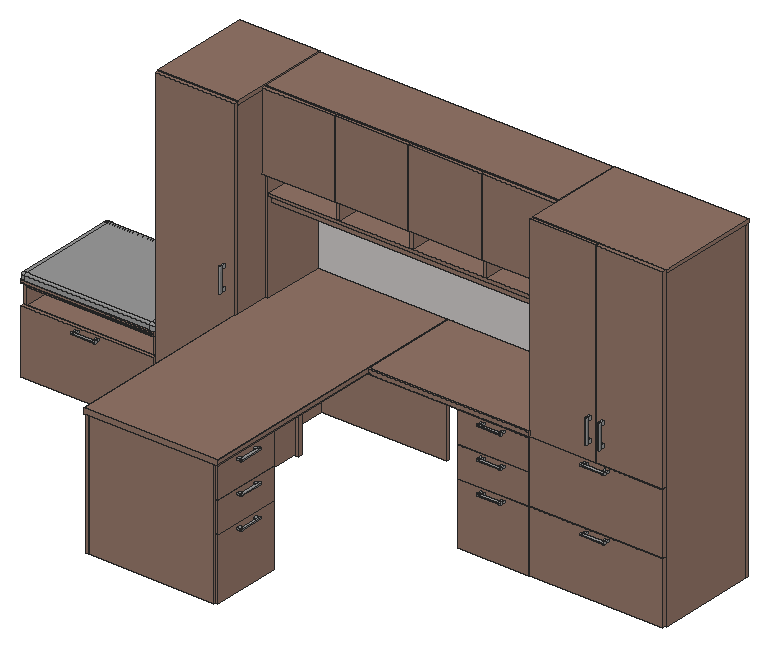
Revit family "JSI-Vision-Typical_Veneer-VSV103", category Furniture, Revit 2020 (continued)
Definition of nested family "JSI-Vision-Overhead_Cabinets_with_Cubbies"
  Dimensions and locks (in)
    "Door Width": Extrusion 17 sketch curve to Extrusion 17 sketch curve
    locked: Extrusion 10 sketch curve to Extrusion 1 at 9.6263
    locked: Extrusion 10 sketch curve to Extrusion 10 sketch curve at 21.84469  (x2)
    locked: Extrusion 10 sketch curve to Extrusion 10 sketch curve at 9.6263
    aligned and locked: level to plane 2
    aligned and locked: plane 5 to Extrusion 1 sketch curve
    aligned and locked: plane 7 to Extrusion 1 sketch curve
    aligned and locked: Extrusion 1 sketch curve to plane 13
    aligned and locked: Extrusion 2 sketch curve to plane 5
    aligned and locked: plane 8 to Extrusion 2 sketch curve
    aligned and locked: Extrusion 2 sketch curve to plane 14
    aligned and locked: Extrusion 3 sketch curve to plane 11
    aligned and locked: plane 7 to Extrusion 3 sketch curve
    aligned and locked: Extrusion 3 to plane 5
    aligned and locked: plane 9 to Extrusion 1
    aligned and locked: plane 9 to Extrusion 2
    aligned and locked: plane 9 to Extrusion 3
    aligned and locked: Extrusion 4 sketch curve to plane 20
    aligned and locked: plane 13 to Extrusion 4 sketch curve
    aligned and locked: plane 19 to Extrusion 4 sketch curve
    aligned and locked: Extrusion 4 sketch curve to plane 14
    aligned and locked: Extrusion 4 to plane 17
    aligned and locked: plane 9 to Extrusion 4
    aligned and locked: plane 23 to Extrusion 5 sketch curve
    aligned and locked: plane 13 to Extrusion 5 sketch curve
    aligned and locked: Extrusion 5 sketch curve to plane 22
    aligned and locked: Extrusion 5 sketch curve to plane 14
    aligned and locked: Extrusion 5 to plane 21
    aligned and locked: Extrusion 6 to plane 24
    aligned and locked: plane 17 to Extrusion 8 sketch curve
    aligned and locked: plane 33 to Extrusion 8 sketch curve
    aligned and locked: Extrusion 8 sketch curve to plane 9
    aligned and locked: Extrusion 8 sketch curve to plane 34
    aligned and locked: plane 17 to Extrusion 9 sketch curve
    aligned and locked: plane 35 to Extrusion 9 sketch curve
    aligned and locked: Extrusion 9 sketch curve to plane 9
    aligned and locked: Extrusion 9 sketch curve to plane 36
    aligned and locked: plane 18 to Extrusion 8
    aligned and locked: Extrusion 8 to plane 20
    aligned and locked: plane 18 to Extrusion 9
    aligned and locked: Extrusion 9 to plane 20
    aligned and locked: Extrusion 1 to Extrusion 10 sketch curve
    aligned and locked: Extrusion 10 sketch curve to Extrusion 1
    aligned and locked: Extrusion 10 sketch curve to Extrusion 2
    aligned and locked: Extrusion 10 to plane 16
    aligned and locked: plane 17 to Extrusion 10
    aligned and locked: Extrusion 6 to plane 27
    aligned and locked: Extrusion 11 sketch curve to plane 39
    aligned and locked: Extrusion 11 sketch curve to plane 40
    aligned and locked: Extrusion 11 sketch curve to plane 13
    aligned and locked: Extrusion 11 sketch curve to plane 14
    aligned and locked: Extrusion 11 to plane 17
    aligned and locked: plane 9 to Extrusion 11
    aligned and locked: plane 39 to Extrusion 5
    aligned and locked: Extrusion 12 to plane 40
    aligned and locked: plane 19 to Extrusion 12
    aligned and locked: plane 30 to nested 1
    aligned and locked: plane 29 to nested 1
    aligned and locked: plane 27 to Extrusion 6  (x3)
    aligned and locked: Extrusion 7 to plane 27
    aligned and locked: Extrusion 12 to plane 19  (x2)
    aligned and locked: plane 40 to Extrusion 12  (x2)
    aligned and locked: plane 19 to Extrusion 13
    aligned and locked: Extrusion 13 to plane 40
    aligned and locked: plane 18 to Extrusion 2
    aligned and locked: plane 18 to Extrusion 1
    aligned and locked: plane 26 to Extrusion 6
    aligned and locked: curve 1 to Extrusion 3
    aligned and locked: curve 2 to Extrusion 3
    aligned and locked: curve 3 to Extrusion 3
    aligned and locked: curve 4 to Extrusion 3
    aligned and locked: plane 26 to Extrusion 7
    aligned and locked: Extrusion 13 to plane 19
    aligned and locked: plane 40 to Extrusion 13
    aligned and locked: Extrusion 1 to plane 48
    aligned and locked: Extrusion 2 to plane 48
    aligned and locked: Extrusion 10 sketch curve to plane 48
    aligned and locked: curve 5 to Extrusion 6
    aligned and locked: curve 6 to Extrusion 6
    aligned and locked: curve 7 to Extrusion 6
    aligned and locked: curve 8 to Extrusion 6
    aligned and locked: curve 9 to Extrusion 7
    aligned and locked: curve 10 to Extrusion 7
    aligned and locked: curve 11 to Extrusion 7
    aligned and locked: curve 12 to Extrusion 7
    aligned and locked: curve 13 to Extrusion 14
    aligned and locked: curve 14 to Extrusion 14
    aligned and locked: curve 15 to Extrusion 14
    aligned and locked: curve 16 to Extrusion 14
    aligned and locked: curve 17 to Extrusion 15
    aligned and locked: curve 18 to Extrusion 15
    aligned and locked: curve 19 to Extrusion 15
    aligned and locked: curve 20 to Extrusion 15
    aligned and locked: curve 21 to Extrusion 16
    aligned and locked: curve 22 to Extrusion 16
    aligned and locked: curve 23 to Extrusion 16
    aligned and locked: curve 24 to Extrusion 16
    aligned and locked: curve 25 to Extrusion 17
    aligned and locked: curve 26 to Extrusion 17
    aligned and locked: curve 27 to Extrusion 17
    aligned and locked: curve 28 to Extrusion 17
  Automatic sketch dimensions
    Extrusion 1 sketch curve to plane 10 = 7/16"
    Extrusion 3 sketch curve to plane 8 = 0"
    Extrusion 3 sketch curve to plane 18 = 0"
    plane 9 to Extrusion 2 sketch curve = 0"
    Extrusion 6 sketch curve to Extrusion 6 sketch curve = 3/4"
    Extrusion 7 sketch curve to Extrusion 7 sketch curve = 3/4"
    Extrusion 12 sketch curve to Extrusion 12 sketch curve = 3/4"
    Extrusion 12 sketch curve to Extrusion 12 sketch curve = 13 7/8"
    Extrusion 13 sketch curve to Extrusion 13 sketch curve = 3/4"
    Extrusion 13 sketch curve to Extrusion 13 sketch curve = 13 7/8"
    Extrusion 14 sketch curve to Extrusion 14 sketch curve = 3/4"
    Extrusion 15 sketch curve to Extrusion 15 sketch curve = 3/4"
    Extrusion 16 sketch curve to Extrusion 16 sketch curve = 3/4"
    Extrusion 17 sketch curve to Extrusion 17 sketch curve = 3/4"
    Extrusion 18 sketch curve to Extrusion 18 sketch curve = 3/4"
    Extrusion 18 sketch curve to Extrusion 18 sketch curve = 13 7/8"
    Extrusion 19 sketch curve to Extrusion 19 sketch curve = 3/4"
    Extrusion 19 sketch curve to Extrusion 19 sketch curve = 13 7/8"
    Extrusion 20 sketch curve to Extrusion 20 sketch curve = 3/4"
    Extrusion 20 sketch curve to Extrusion 20 sketch curve = 13 7/8"
    curve 6 to curve 7 = 14.83333"
    curve 6 to curve 6 = 3/4"
    curve 10 to curve 11 = 14.83333"
    curve 10 to curve 10 = 3/4"
    curve 14 to curve 15 = 14.83333"
    curve 14 to curve 14 = 3/4"
    curve 18 to curve 19 = 14.83333"
    curve 18 to curve 18 = 3/4"
    curve 22 to curve 23 = 14.83333"
    curve 22 to curve 22 = 3/4"
    curve 26 to curve 27 = 14.83333"
    curve 26 to curve 26 = 3/4"
    radius of Extrusion 10 sketch curve = 0.33402"  (x2)
  Nested families (in)
    nested 1: "Label 1-16 OH" at (45, -16.4375, 0), type "OH DOORS"
  Definition of nested family "Label 1-16 OH"
    Parameters
      Width = 1"
      Model Name = "XX"
    Reference planes (in)
      plane 1: y = 0
      plane 2: x = 0
    Text (in)
      label "XX" at (0.00051, -0.12324, 0), shows "Model Name"
Definition of nested family "JSI-Vision-File_File_Lateral_Storage_Cabinet"
  Parameters (values of type "Type Catalog")
    Top = none
    Width = 36"
    Unit Centre = Width / 2  # 18"
    URL = "www.jsifurniture.com"
    Type Comments = ""
    Tag = "Storage/Lat File"
    Shelve Width = Width - 1 1/2"  # 34 1/2"
    Shelve Depth = Depth - 2 13/16"  # 21 3/16"
    Series = "Vision Casegoods"  # constant formula
    Pull Finish = none
    Drawer Pull Distance(Right) = if(Width > 18", (Door Width / 2), (Door Width - 3 3/8"))  # 8 15/16"
    Drawer Pull Distance(Left) = Door Width / 2  # 8 15/16"
    Model = "Type Catalog"
    Material = ""
    Manufacturer = "JSI"  # constant formula
    Keynote = "12500"
    JSI Enviromental Website = "http://www.jsifurniture.com/jsi_sustainability_intro.php"
    Height = 84"
    Drawer Front = none
    Door Width = if(Width > 18", ((Width - 1/4") / 2), (Width - 1/8"))  # 17 7/8"
    Door Front = none
    Description = "Type Catalog"
    Depth = 24"
    Default Elevation = 0"
    Chassis = none
    Bottom Shelve Level = 28 1/2"
    Assembly Code = "E2020200"
    Adjustable Shelves Array Distance = (Actual Height - Bottom Shelve Level) / (# of Adjustable Shelves)  # 11.0375"
    Actual Height = if(Height > 54", (Height - 5/16"), (if(Height > 42", (Height + 1 1/8"), if(Height > 30", (Height - 3/8"), (Height - 13/16")))))  # 83 11/16"
    # of Adjustable Shelves = if(Height > 72", 5, (if(Height > 57", 3, 2)))  # 5
  Reference planes (in)
    plane 1 "Center Front/Back": y = 0
    plane 2: z = 0
    plane 3 "Center Left/Right": x = 0
    plane 4: z = 0
    plane 5: x = 36
    plane 6: y = -0.125
    plane 7: y = -23
    plane 8: z = 83.6875
    plane 9: y = -0.875
    plane 10: y = -22.8125
    plane 11: y = -22.0625
    plane 12: x = 0.75
    plane 13: x = 35.25
    plane 14: z = 0.3275
    plane 15: z = 1.0775
    plane 16: z = 82.9375
    plane 17: z = 83.3125
    plane 18: z = 28.5
    plane 19: z = 27.75
    plane 20: x = 0.0625
    plane 21: x = 35.9375
    plane 22: z = 0.14
    plane 23: y = -23.125
    plane 24: y = -23.875
    plane 25: y = -24
    plane 26: z = 83.625
    plane 27: z = 65.9
    plane 28: y = -11.5625
    plane 29: z = 34.25
    plane 30: x = 19.5625
    plane 31: x = 16.4375
    plane 32: z = 39.1625
    plane 33: z = 50.2
    plane 34: z = 61.2375
    plane 35: z = 72.275
    plane 36: z = 71.9
    plane 37: z = 72.65
    plane 38: z = 27.885
    plane 39: z = 28
    plane 40: z = 13.95
    plane 41: z = 14.075
    plane 42: z = 27.135
    plane 43: z = 13.2
    plane 44: x = 18
    plane 45: x = 17.9375
    plane 46: x = 18.0625
  Forms (in)
    Extrusion 1, solid, material <- "Chassis"
      sketch origin (0, 0, 0) x (1, 0, 0) y (0, 1, 0)
        loop
          line (0, -0.125) -> (0, -0.875) -> (36, -0.875) -> (36, -0.125) -> (0, -0.125)
      from 0 to 82.9375
    Extrusion 2, solid, material <- "Chassis"
      sketch origin (0, 0, 0) x (1, 0, 0) y (0, 1, 0)
        loop
          line (0, -0.875) -> (0, -23) -> (0.75, -23) -> (0.75, -0.875) -> (0, -0.875)
      from 0 to 82.9375
    Extrusion 3, solid, material <- "Chassis"
      sketch origin (0, 0, 0) x (1, 0, 0) y (0, 1, 0)
        loop
          line (35.25, -0.875) -> (35.25, -23) -> (36, -23) -> (36, -0.875) -> (35.25, -0.875)
      from 0 to 82.9375
    Extrusion 4, solid, material <- "Top"
      sketch origin (0, 0, 0) x (0, 1, 0) y (0, 0, 1)
        loop
          line (-0.125, 83.6875) -> (-23, 83.6875) -> (-23, 82.9375) -> (-0.125, 82.9375) -> (-0.125, 83.6875)
      from 0 to 36
    Extrusion 5, solid, material <- "Chassis"
      sketch origin (0, 0, 0) x (0, 1, 0) y (0, 0, 1)
        loop
          line (-0.875, 1.0775) -> (-22.0625, 1.0775) -> (-22.0625, 0.3275) -> (-0.875, 0.3275) -> (-0.875, 1.0775)
      from 0.75 to 35.25
    Extrusion 6, solid, material <- "Chassis"
      sketch origin (0, 0, 0) x (0, 1, 0) y (0, 0, 1)
        loop
          line (-22.0625, 1.0775) -> (-22.8125, 1.0775) -> (-22.8125, 0) -> (-22.0625, 0) -> (-22.0625, 1.0775)
      from 0.75 to 35.25
    Extrusion 7, solid, material <- "Door Front"
      sketch origin (0, 0, 0) x (1, 0, 0) y (0, 1, 0)
        loop
          line (0.0625, -23.125) -> (0.0625, -23.875) -> (17.9375, -23.875) -> (17.9375, -23.125) -> (0.0625, -23.125)
      from 28 to 83.625
    Extrusion 8, solid, material <- "Door Front"
      sketch origin (0, 0, 0) x (1, 0, 0) y (0, 1, 0)
        loop
          line (18.0625, -23.125) -> (18.0625, -23.875) -> (35.9375, -23.875) -> (35.9375, -23.125) -> (18.0625, -23.125)
      from 28 to 83.625
    Extrusion 9, solid, material <- "Chassis"
      sketch origin (3, 0, 0) x (0, 1, 0) y (0, 0, 1)
        loop
          line (-0.875, 28.5) -> (-22.0625, 28.5) -> (-22.0625, 27.75) -> (-0.875, 27.75) -> (-0.875, 28.5)
      from -2.25 to 32.25
    Extrusion 10, solid, material <- "Chassis"
      sketch origin (3, 0, 11.0375) x (0, 1, 0) y (0, 0, 1)
        loop
          line (-0.875, 28.5) -> (-22.0625, 28.5) -> (-22.0625, 27.75) -> (-0.875, 27.75) -> (-0.875, 28.5)
      from -2.25 to 32.25
    Extrusion 11, solid, material <- "Drawer Front"
      sketch origin (0, 0, 0) x (0, 1, 0) y (0, 0, 1)
        loop
          line (-23.125, 27.885) -> (-23.875, 27.885) -> (-23.875, 14.075) -> (-23.125, 14.075) -> (-23.125, 27.885)
        loop
          line (-23.125, 13.95) -> (-23.875, 13.95) -> (-23.875, 0.14) -> (-23.125, 0.14) -> (-23.125, 13.95)
      from 0.0625 to 35.9375
    Extrusion 12, solid, material <- "Chassis"
      sketch origin (3, 0, 22.075) x (0, 1, 0) y (0, 0, 1)
        loop
          line (-0.875, 28.5) -> (-22.0625, 28.5) -> (-22.0625, 27.75) -> (-0.875, 27.75) -> (-0.875, 28.5)
      from -2.25 to 32.25
    Extrusion 13, solid, material <- "Chassis"
      sketch origin (3, 0, 33.1125) x (0, 1, 0) y (0, 0, 1)
        loop
          line (-0.875, 28.5) -> (-22.0625, 28.5) -> (-22.0625, 27.75) -> (-0.875, 27.75) -> (-0.875, 28.5)
      from -2.25 to 32.25
    Extrusion 14, solid, material <- "Chassis"
      sketch origin (3, 0, 44.15) x (0, 1, 0) y (0, 0, 1)
        loop
          line (-0.875, 28.5) -> (-22.0625, 28.5) -> (-22.0625, 27.75) -> (-0.875, 27.75) -> (-0.875, 28.5)
      from -2.25 to 32.25
  Lines and regions (in)
    symbolic lines
      curve 1: line (36, -0.125, 0) -> (0, -0.125, 0)
      curve 2: line (0, -0.125, 0) -> (0, -23, 0)
      curve 3: line (0, -23, 0) -> (36, -23, 0)
      curve 4: line (36, -23, 0) -> (36, -0.125, 0)
      curve 5: line (35.9375, -23.875, 0) -> (35.9375, -23.125, 0)
      curve 6: line (35.9375, -23.125, 0) -> (18.0625, -23.125, 0)
      curve 7: line (18.0625, -23.875, 0) -> (35.9375, -23.875, 0)
      curve 8: line (18.0625, -23.125, 0) -> (18.0625, -23.875, 0)
      curve 9: line (17.9375, -23.875, 0) -> (17.9375, -23.125, 0)
      curve 10: line (0.0625, -23.875, 0) -> (17.9375, -23.875, 0)
      curve 11: line (17.9375, -23.125, 0) -> (0.0625, -23.125, 0)
      curve 12: line (0.0625, -23.125, 0) -> (0.0625, -23.875, 0)
  Dimensions and locks (in)
    locked: plane 6 to plane 1 "Center Front/Back" at 0.125
    plane 7 to plane 10 to plane 11 = 3/16" locked, 3/4" locked
    locked: plane 3 "Center Left/Right" to plane 12 at 0.75
    locked: plane 13 to plane 5 at 0.75
    locked: plane 8 to plane 16 at 0.75
    locked: plane 17 to plane 16 at 0.375
    "Width": plane 3 "Center Left/Right" to plane 5
    "Actual Height": plane 8 to plane 4
    locked: plane 3 "Center Left/Right" to plane 20 at 0.0625
    locked: plane 21 to plane 5 at 0.0625
    plane 15 to plane 14 to plane 22 to plane 4 = 3/4" locked, 3/16" locked, 0.14" locked
    plane 24 to plane 23 to plane 7 = 3/4" locked, 1/8" locked
    "Depth": plane 25 to plane 1 "Center Front/Back"
    locked: plane 25 to plane 24 at 0.125
    locked: plane 8 to plane 26 at 0.0625
    equal spacing: plane 6, plane 28, plane 7
    locked: plane 20 to plane 31 at 16.375
    locked: plane 30 to plane 21 at 16.375
    "Shelve Depth": Extrusion 9 sketch curve to Extrusion 9 sketch curve
    plane 17 to plane 35 to plane 34 to plane 33 to plane 32 = 11.0375", 11.0375", 11.0375", 11.0375"
    "Shelve Depth": Extrusion 10 sketch curve to Extrusion 10 sketch curve
    equal spacing: group 1, group 2, group 3, group 4, group 5  (x3)
    "Adjustable Shelves Array Distance": Extrusion 10 to Extrusion 9
    "Bottom Shelve Level": Extrusion 9 to plane 4
    locked: plane 37 to plane 36 at 0.75
    "Bottom Shelve Level": plane 18 to plane 4
    locked: plane 38 to plane 42 at 0.75
    locked: plane 40 to plane 43 at 0.75
    "Shelve Width": Extrusion 9 to Extrusion 9
    "Unit Centre": plane 3 "Center Left/Right" to plane 44
    "Door Width": plane 20 to plane 45
    "Door Width": plane 46 to plane 21
    "Shelve Width": Extrusion 10 to Extrusion 10
    plane 29 to plane 18 = 5 3/4"
    "Shelve Depth": Extrusion 12 sketch curve to Extrusion 12 sketch curve
    "Shelve Width": Extrusion 12 to Extrusion 12
    "Shelve Depth": Extrusion 13 sketch curve to Extrusion 13 sketch curve
    "Shelve Width": Extrusion 13 to Extrusion 13
    "Shelve Depth": Extrusion 14 sketch curve to Extrusion 14 sketch curve
    "Shelve Width": Extrusion 14 to Extrusion 14
    plane 38 to plane 41 to plane 40 to plane 22 = 13.81" locked, 1/8" locked, 13.81" locked
    aligned and locked: level to plane 2
    aligned and locked: plane 6 to Extrusion 1 sketch curve
    aligned and locked: Extrusion 1 sketch curve to plane 9
    aligned and locked: Extrusion 1 sketch curve to plane 5
    aligned and locked: plane 3 "Center Left/Right" to Extrusion 1 sketch curve
    aligned and locked: Extrusion 1 to plane 4
    aligned and locked: plane 16 to Extrusion 1
    aligned and locked: plane 3 "Center Left/Right" to Extrusion 2 sketch curve
    aligned and locked: Extrusion 2 sketch curve to plane 12
    aligned and locked: Extrusion 2 sketch curve to plane 7
    aligned and locked: plane 9 to Extrusion 2 sketch curve
    aligned and locked: plane 13 to Extrusion 3 sketch curve
    aligned and locked: Extrusion 3 sketch curve to plane 5
    aligned and locked: Extrusion 3 sketch curve to plane 7
    aligned and locked: plane 9 to Extrusion 3 sketch curve
    aligned and locked: Extrusion 2 to plane 4
    aligned and locked: Extrusion 3 to plane 4
    aligned and locked: plane 16 to Extrusion 2
    aligned and locked: plane 16 to Extrusion 3
    aligned and locked: plane 16 to Extrusion 4 sketch curve
    aligned and locked: Extrusion 4 sketch curve to plane 8
    aligned and locked: plane 6 to Extrusion 4 sketch curve
    aligned and locked: Extrusion 4 sketch curve to plane 7
    aligned and locked: Extrusion 4 to plane 3 "Center Left/Right"
    aligned and locked: plane 5 to Extrusion 4
    aligned and locked: Extrusion 5 sketch curve to plane 11
    aligned and locked: plane 14 to Extrusion 5 sketch curve
    aligned and locked: Extrusion 5 sketch curve to plane 15
    aligned and locked: plane 9 to Extrusion 5 sketch curve
    aligned and locked: Extrusion 5 to plane 12
    aligned and locked: plane 13 to Extrusion 5
    aligned and locked: plane 11 to Extrusion 6 sketch curve
    aligned and locked: Extrusion 6 sketch curve to plane 10
    aligned and locked: plane 4 to Extrusion 6 sketch curve
    aligned and locked: Extrusion 6 sketch curve to plane 15
    aligned and locked: Extrusion 6 to plane 12
    aligned and locked: plane 13 to Extrusion 6
    aligned and locked: level to plane 4
    aligned and locked: plane 24 to nested 1
    aligned and locked: plane 23 to Extrusion 7 sketch curve
    aligned and locked: Extrusion 7 sketch curve to plane 24
    aligned and locked: plane 23 to Extrusion 8 sketch curve
    aligned and locked: Extrusion 8 sketch curve to plane 24
    aligned and locked: plane 31 to nested 3
    aligned and locked: plane 30 to nested 2
    aligned and locked: plane 29 to nested 3
    aligned and locked: plane 29 to nested 2
    aligned and locked: plane 24 to nested 3
    aligned and locked: plane 24 to nested 2
    aligned and locked: Extrusion 11 sketch curve to plane 24
    aligned and locked: plane 23 to Extrusion 11 sketch curve
    aligned and locked: Extrusion 11 sketch curve to plane 38
    aligned and locked: plane 41 to Extrusion 11 sketch curve
    aligned and locked: Extrusion 9 to plane 9
    aligned and locked: Extrusion 10 to plane 9
    aligned and locked: plane 26 to Extrusion 7
    aligned and locked: plane 26 to Extrusion 8
    aligned and locked: Extrusion 7 to plane 39
    aligned and locked: Extrusion 7 to plane 20
    aligned and locked: plane 45 to Extrusion 7
    aligned and locked: Extrusion 8 to plane 46
    aligned and locked: plane 21 to Extrusion 8
    aligned and locked: Extrusion 11 to plane 20
    aligned and locked: plane 21 to Extrusion 11
    aligned and locked: plane 42 to nested 5
    aligned and locked: plane 43 to nested 4
    aligned and locked: plane 24 to nested 4
    aligned and locked: plane 24 to nested 5
    aligned and locked: Extrusion 8 to plane 39
    aligned and locked: plane 13 to Extrusion 9
    aligned and locked: plane 13 to Extrusion 10
    aligned and locked: plane 44 to nested 1
    aligned and locked: curve 1 to Extrusion 4
    aligned and locked: curve 2 to Extrusion 4
    aligned and locked: curve 3 to Extrusion 4
    aligned and locked: curve 4 to Extrusion 4
    aligned and locked: curve 5 to Extrusion 8
    aligned and locked: curve 6 to Extrusion 8
    aligned and locked: curve 7 to Extrusion 8
    aligned and locked: curve 8 to Extrusion 8
    aligned and locked: curve 9 to Extrusion 7
    aligned and locked: curve 10 to Extrusion 7
    aligned and locked: curve 11 to Extrusion 7
    aligned and locked: curve 12 to Extrusion 7
    aligned and locked: Extrusion 11 sketch curve to plane 40
    aligned and locked: plane 22 to Extrusion 11 sketch curve
    aligned and locked: Extrusion 11 sketch curve to Extrusion 11 sketch curve  (x2)
    aligned and locked: plane 44 to nested 5
    aligned and locked: plane 44 to nested 4
  Automatic sketch dimensions
    Extrusion 9 sketch curve to Extrusion 9 sketch curve = 3/4"
    Extrusion 10 sketch curve to Extrusion 10 sketch curve = 3/4"
    Extrusion 7 sketch curve to plane 20 = 0"
    plane 21 to Extrusion 8 sketch curve = 0"
    Extrusion 7 sketch curve to plane 30 = 1 5/8"
    Extrusion 8 sketch curve to plane 30 = 1 1/2"
    Extrusion 12 sketch curve to Extrusion 12 sketch curve = 3/4"
    Extrusion 13 sketch curve to Extrusion 13 sketch curve = 3/4"
    Extrusion 14 sketch curve to Extrusion 14 sketch curve = 3/4"
  Nested families (in)
    nested 1: "Label 1-16 OH" at (18, -23.875, 0), type "OH DOORS"
    nested 2: "Vertical Bar Pull" at (19.5625, -23.875, 34.25), Pull Finish <- "Pull Finish", type "PL"
      with Pull Finish none
    nested 3: "Vertical Bar Pull" at (16.4375, -23.875, 34.25), Pull Finish <- "Pull Finish", type "PL"
      with Pull Finish none
    nested 4: "Bar Pull" at (18, -23.875, 13.2), Pull Finish <- "Pull Finish", type "PL"
      with Pull Finish none
    nested 5: "Bar Pull" at (18, -23.875, 27.135), Pull Finish <- "Pull Finish", type "PL"
      with Pull Finish none
  Definition of nested family "Vertical Bar Pull"
    Parameters
      Pull Finish [instance] = none
      Default Elevation = 0"
    Reference planes (in)
      plane 1 "Center Front/Back": y = 0
      plane 2: z = 0
      plane 3 "Center Left/Right": x = 0
      plane 4: x = -2.68731
      plane 5: x = -1.88731
      plane 6: x = 2.68731
      plane 7: x = 1.88731
      plane 8: y = -1
      plane 9: y = -0.85202
      plane 10: z = 2.68731
      plane 11: z = 1.88731
      plane 12: z = -1.88731
      plane 13: z = -2.68731
    Forms (in)
      Extrusion 1, solid, material <- "Pull Finish"
        sketch origin (0, 0, 0) x (0, 1, 0) y (-1, 0, 0)
          loop
            line (0, -0.2015) -> (0, 0.2015) -> (-0.85202, 0.2015)
            arc (-0.85202, 0.2015) -> (-0.75, 0) -> (-0.85202, -0.2015) r 0.25
            line (-0.85202, -0.2015) -> (0, -0.2015)
        from 1.88731 to 2.68731
      Extrusion 2, solid, material <- "Pull Finish"
        sketch origin (0, 0, 0) x (0, 1, 0) y (-1, 0, 0)
          loop
            circle (-1, 0) r 0.25
        from -2.68731 to 2.68731
      Extrusion 3, solid, material <- "Pull Finish"
        sketch origin (0, 0, 0) x (1, 0, 0) y (0, 1, 0)
          loop
            line (0.2015, 0) -> (-0.2015, 0) -> (-0.2015, -0.85202)
            arc (-0.2015, -0.85202) -> (0, -0.75) -> (0.2015, -0.85202) r 0.25
            line (0.2015, -0.85202) -> (0.2015, 0)
        from 1.88731 to 2.68731
      Extrusion 4, solid, material <- "Pull Finish"
        sketch origin (0, 0, -4.57462) x (1, 0, 0) y (0, 1, 0)
          loop
            line (0.2015, 0) -> (-0.2015, 0) -> (-0.2015, -0.85202)
            arc (-0.2015, -0.85202) -> (0, -0.75) -> (0.2015, -0.85202) r 0.25
            line (0.2015, -0.85202) -> (0.2015, 0)
        from 1.88731 to 2.68731
    Dimensions and locks (in)
      plane 4 to plane 5 to plane 3 "Center Left/Right" to plane 7 to plane 6 = 0.8" locked, 1.88731" locked, 1.88731" locked, 0.8" locked
      plane 8 to plane 9 to plane 1 "Center Front/Back" = 0.14798" locked, 0.85202" locked
      plane 13 to plane 12 to plane 2 to plane 11 to plane 10 = 0.8" locked, 1.88731" locked, 1.88731" locked, 0.8" locked
      plane 1 "Center Front/Back" to plane 9 to plane 8 = 0.85202" locked, 0.14798" locked
      aligned and locked: level to plane 2
      aligned and locked: plane 8 to Extrusion 2 sketch curve
      aligned and locked: Extrusion 3 to plane 1 "Center Front/Back"
      aligned and locked: Extrusion 1 to plane 1 "Center Front/Back"
      aligned and locked: Extrusion 4 to plane 1 "Center Front/Back"
      aligned and locked: Extrusion 3 to plane 10
      aligned and locked: Extrusion 3 to plane 11
      aligned and locked: Extrusion 2 to plane 10
      aligned and locked: Extrusion 2 to plane 13
      aligned and locked: Extrusion 4 to plane 13
      aligned and locked: Extrusion 4 to plane 12
      aligned and locked: plane 1 "Center Front/Back" to Extrusion 4
      aligned and locked: plane 1 "Center Front/Back" to Extrusion 3
      aligned and locked: Extrusion 4 to plane 9
      aligned and locked: Extrusion 3 to plane 9
  Definition of nested family "Bar Pull"
    Parameters
      Pull Finish [instance] = none
      Default Elevation = 0"
    Reference planes (in)
      plane 1 "Center Front/Back": y = 0
      plane 2: z = 0
      plane 3 "Center Left/Right": x = 0
      plane 4: x = -2.68731
      plane 5: x = -1.88731
      plane 6: x = 2.68731
      plane 7: x = 1.88731
      plane 8: y = -1
      plane 9: y = -0.85202
    Forms (in)
      Extrusion 1, solid, material <- "Pull Finish"
        sketch origin (0, 0, 0) x (0, 1, 0) y (0, 0, 1)
          loop
            line (0, -0.2015) -> (0, 0.2015) -> (-0.85202, 0.2015)
            arc (-0.85202, 0.2015) -> (-0.75, 0) -> (-0.85202, -0.2015) r 0.25
            line (-0.85202, -0.2015) -> (0, -0.2015)
        from 1.88731 to 2.68731
      Extrusion 2, solid, material <- "Pull Finish"
        sketch origin (0, 0, 0) x (0, 1, 0) y (0, 0, 1)
          loop
            circle (-1, 0) r 0.25
        from -2.68731 to 2.68731
      Extrusion 3, solid, material <- "Pull Finish"
        sketch origin (0, 0, 0) x (0, 1, 0) y (0, 0, -1)
          loop
            line (0, 0.2015) -> (-0.85202, 0.2015)
            arc (-0.85202, 0.2015) -> (-0.75, 0) -> (-0.85202, -0.2015) r 0.25
            line (-0.85202, -0.2015) -> (0, -0.2015) -> (0, 0.2015)
        from 1.88731 to 2.68731
    Dimensions and locks (in)
      plane 4 to plane 5 to plane 3 "Center Left/Right" to plane 7 to plane 6 = 0.8" locked, 1.88731" locked, 1.88731" locked, 0.8" locked
      plane 8 to plane 9 to plane 1 "Center Front/Back" = 0.14798" locked, 0.85202" locked
      aligned and locked: level to plane 2
      aligned and locked: plane 4 to Extrusion 3
      aligned and locked: Extrusion 3 to plane 5
      aligned and locked: plane 4 to Extrusion 2
      aligned and locked: Extrusion 1 to plane 7
      aligned and locked: plane 6 to Extrusion 1
      aligned and locked: plane 6 to Extrusion 2
      aligned and locked: plane 8 to Extrusion 2 sketch curve
      aligned and locked: Extrusion 3 to plane 1 "Center Front/Back"
      aligned and locked: Extrusion 1 to plane 1 "Center Front/Back"
      aligned and locked: plane 5 to Extrusion 3
      aligned and locked: Extrusion 3 to plane 4
      aligned and locked: Extrusion 2 to plane 4
      aligned and locked: plane 7 to Extrusion 1
      aligned and locked: Extrusion 1 to plane 6
      aligned and locked: Extrusion 2 to plane 6
  Definition of nested family "Label 1-16 OH"
    Parameters
      Width = 1"
      Model Name = "Storage/Lat File"
    Reference planes (in)
      plane 1: y = 0
      plane 2: x = 0
    Text (in)
      label "XX" at (0.00051, -0.12324, 0), shows "Model Name"
Definition of nested family "JSI-Vision-Single_Pedestal_Desk-Break_Front_Modesty"
  Parameters (values of type "Sngl Ped Desk, Brk Frnt Mod - Type Catalog Family")
    Worksurface = none
    Width = 66"
    URL = "www.jsifurniture.com"
    Type Comments = ""
    Series = "Vision Casegoods"  # constant formula
    Pull Finish = none
    Panel BBF = if(LR, 15", Width - 15 3/4")  # 15"
    Model = "Type Catalog"
    Material = ""
    Manufacturer = "JSI"  # constant formula
    LR = yes
    Keynote = "12500"
    JSI Enviromental Website = "http://www.jsifurniture.com/jsi_sustainability_intro.php"
    Height = 29 3/16"
    Grommet angle = if(LR, 90.00°, 270.00°)  # 90.00°
    Grommet Finish = none
    Panel FF = if(LR, Width - 15 3/4", 15")  # 50 1/4"
    Grommet = if(LR, 14 1/2", Width - 15 49/128")  # 14 1/2"
    Drawer Front = none
    Description = "Type Catalog"
    Depth chassis = 30"  # constant formula
    Depth = 30"
    Default Elevation = 0"
    Chassis = none
    BBF = if(LR, 3/16", Width - 15 3/4")  # 3/16"
    Assembly Code = "E2020200"
  Reference planes (in)
    plane 1: z = 0
    plane 2 "Center (Left/Right)": x = -36.06413
    plane 3: z = 29.1875
    plane 4: z = 28
    plane 5: y = -19.25
    plane 6 "Center (Front/Back)": y = 10.75
    plane 7: y = 10.625
    plane 8: y = 10.75
    plane 9: x = -3.06413
    plane 10: x = 29.93587
    plane 11: y = 10.56003
    plane 12: x = -20.31413
    plane 13: x = 14.18587
    plane 14: y = -18.37
    plane 15: x = 21.93587
    plane 16: x = -28.12663
    plane 17: x = 29.81086
    plane 18: x = -35.93913
    plane 19: y = 3.55952
    plane 20: y = -0.44048
    plane 21: y = 4.56363
    plane 22: y = -18.31113
    plane 23: x = 14.18587
    plane 24: x = -35.87663
    plane 25: x = -20.37636
    plane 26: x = 29.68487
    plane 27: x = -21.56413
  Forms (in)
    Extrusion 1, solid, material <- "Worksurface"
      sketch origin (0, 0, -0.8125) x (1, 0, 0) y (0, 1, 0)
        loop
          line (-36.06413, -19.125) -> (29.93587, -19.125) -> (29.93587, 10.625) -> (-36.06413, 10.625) -> (-36.06413, -19.125)
      from 28.8125 to 30
    Extrusion 2, solid, material <- "Chassis"
      sketch origin (0, 3.75, 0) x (1, 0, 0) y (0, 1, 0)
        loop
          line (-20.31413, 0.81363) -> (-20.31413, 0.06363) -> (14.18587, 0.06363) -> (14.18587, 0.81363) -> (-20.31413, 0.81363)
      from 0 to 28
    Extrusion 3, solid, material <- "Drawer Front"
      sketch origin (-0.00163, 0.13, 0) x (1, 0, 0) y (0, 0, 1)
        loop
          line (-35.875, 27.89092) -> (-35.875, 21.04768) -> (-20.37473, 21.04768) -> (-20.37473, 27.89092) -> (-35.875, 27.89092)
        loop
          line (-35.875, 20.92218) -> (-35.875, 14.07843) -> (-20.37473, 14.07843) -> (-20.37473, 20.92218) -> (-35.875, 20.92218)
        loop
          line (-35.875, 13.95343) -> (-35.875, 0.14093) -> (-20.37473, 0.14093) -> (-20.37473, 13.95343) -> (-35.875, 13.95343)
      from 18.5 to 19.25
    Extrusion 4, solid, material <- "Chassis"
      sketch origin (-0.06413, 0, 0) x (0, 1, 0) y (0, 0, 1)
        loop
          line (-18.31113, 28) -> (-18.31113, 0) -> (9.81003, 0) -> (9.81003, 28) -> (-18.31113, 28)
      from -35.875 to -35.125
    Extrusion 5, solid, material <- "Chassis"
      sketch origin (-0.06413, 0.034, 0) x (1, 0, 0) y (0, 0, 1)
        loop
          line (-35.125, 1.9375) -> (-35.125, 0) -> (-21, 0) -> (-21, 1.9375) -> (-35.125, 1.9375)
      from 17.59513 to 18.34513
    Extrusion 6, solid, material <- "Chassis"
      sketch origin (-0.06029, 0, 0) x (0, 1, 0) y (0, 0, -1)
        loop
          line (-18.31113, -28) -> (9.81003, -28) -> (9.81003, 0) -> (-18.31113, 0) -> (-18.31113, -28)
      from -29.87116 to -29.12116
    Sweep 7, solid, material <- "Worksurface"
      path in 3D
        loop
          line (-36.06413, -19.125, 29.1875) -> (29.93587, -19.125, 29.1875)
      profile origin (-3.06413, -19.125, 29.1875) x (0, 1, 0) y (0, 0, 1)
        loop
          arc (0, 0) -> (-0.08839, -0.03661) -> (-0.125, -0.125) r 0.125
          line (-0.125, -0.125) -> (-0.125, -1.0625)
          arc (-0.125, -1.0625) -> (-0.08839, -1.15089) -> (0, -1.1875) r 0.125
          line (0, -1.1875) -> (0, 0)
    Extrusion 8, solid, material <- "Chassis"
      sketch origin (-0.06413, 28.15516, 0) x (1, 0, 0) y (0, 0, 1)
        loop
          line (-35.875, 28) -> (-35.875, 0) -> (-20.25, 0) -> (-20.25, 28) -> (-35.875, 28)
      from 17.59513 to 18.34513
    Extrusion 9, solid, material <- "Chassis"
      sketch origin (57.45899, 0, 0) x (0, 1, 0) y (0, 0, -1)
        loop
          line (-18.31113, -28) -> (9.81003, -28) -> (9.81003, 0) -> (-18.31113, 0) -> (-18.31113, -28)
      from 77.77312 to 78.52312
    Extrusion 10, solid, material <- "Chassis"
      sketch origin (-0.06413, 28.15516, 0) x (-1, 0, 0) y (0, 0, -1)
        loop
          line (-29.875, -28) -> (-14.25, -28) -> (-14.25, 0) -> (-29.875, 0) -> (-29.875, -28)
      from 17.59513 to 18.34513
    Extrusion 11, solid, material <- "Chassis"
      sketch origin (56.05703, 0, 0) x (0, 1, 0) y (0, 0, 1)
        loop
          line (2.81363, 28) -> (2.81363, 0) -> (9.81003, 0) -> (9.81003, 28) -> (2.81363, 28)
      from -41.87116 to -41.12116
    Sweep 12, solid, material <- "Worksurface"
      path in 3D
        loop
          line (29.93587, 10.625, 29.1875) -> (-36.06413, 10.625, 29.1875)
      profile origin (-3.06413, 10.625, 29.1875) x (0, -1, 0) y (0, 0, 1)
        loop
          arc (0, 0) -> (-0.08839, -0.03661) -> (-0.125, -0.125) r 0.125
          line (-0.125, -0.125) -> (-0.125, -1.0625)
          arc (-0.125, -1.0625) -> (-0.08839, -1.15089) -> (0, -1.1875) r 0.125
          line (0, -1.1875) -> (0, 0)
  Cuts and joins
    joined: Extrusion 1, Sweep 7, Sweep 12
  Lines and regions (in)
    sketch lines
      curve 1: line (-36.06413, -19.125, 29.1875) -> (29.93587, -19.125, 29.1875)
      curve 11: line (29.93587, 10.625, 29.1875) -> (-36.06413, 10.625, 29.1875)
    symbolic lines
      curve 2: line (29.93587, -19.25, 0) -> (-36.06413, -19.25, 0)
      curve 3: line (29.93587, -19.25, 0) -> (29.93587, 10.75, 0)
      curve 4: line (-36.06413, 10.75, 0) -> (-36.06413, -19.25, 0)
      curve 5: line (-20.31413, 10.56003, 0) -> (-35.93913, 10.56003, 0)
      curve 6: line (-20.37636, -18.37, 0) -> (-35.87663, -18.37, 0)
      curve 7: line (-20.37636, -19.12, 0) -> (-20.37636, -18.37, 0)
      curve 8: line (-35.87663, -19.12, 0) -> (-20.37636, -19.12, 0)
      curve 9: line (-35.87663, -18.37, 0) -> (-35.87663, -19.12, 0)
      curve 10: line (-35.93913, 10.56003, 0) -> (-35.93913, -18.31113, 0)
      curve 12: line (29.81086, -18.31113, 0) -> (29.81086, 10.56003, 0)
      curve 13: line (29.81086, 10.56003, 0) -> (14.18587, 10.56003, 0)
      curve 14: line (29.06086, -18.31113, 0) -> (29.81086, -18.31113, 0)
      curve 15: line (29.06086, 9.81003, 0) -> (29.06086, -18.31113, 0)
      curve 16: line (14.18587, 9.81003, 0) -> (29.81086, 9.81003, 0)
      curve 17: line (14.18587, 10.56003, 0) -> (14.18587, 9.81003, 0)
      curve 18: line (14.93587, 2.81363, 0) -> (14.93587, 9.81003, 0)
      curve 19: line (14.18587, 9.81003, 0) -> (14.18587, 2.81363, 0)
      curve 20: line (14.18587, 2.81363, 0) -> (14.93587, 2.81363, 0)
      curve 21: line (-35.18913, -18.31113, 0) -> (-35.18913, 9.81003, 0)
      curve 22: line (-35.93913, -18.31113, 0) -> (-35.18913, -18.31113, 0)
      curve 23: line (-35.93913, 9.81003, 0) -> (-20.31413, 9.81003, 0)
      curve 24: line (-20.31413, 9.81003, 0) -> (-20.31413, 10.56003, 0)
      curve 25: line (-36.06413, 10.75, 0) -> (29.93587, 10.75, 0)
      curve 26: line (-21.06413, 9.81003, 0) -> (-21.06413, -18.31113, 0)
      curve 27: line (-20.31413, -18.31113, 0) -> (-20.31413, 9.81003, 0)
      curve 28: line (-21.06413, -18.31113, 0) -> (-20.31413, -18.31113, 0)
      curve 29: line (14.18587, 4.56363, 0) -> (-20.31413, 4.56363, 0)
      curve 30: line (-20.31413, 3.81363, 0) -> (14.18587, 3.81363, 0)
      curve 31: line (-20.31413, 4.56363, 0) -> (-20.31413, 3.81363, 0)
      curve 32: line (14.18587, 3.81363, 0) -> (14.18587, 4.56363, 0)
  Dimensions and locks (in)
    "Height": plane 3 to level
    locked: plane 3 to plane 4 at 1.1875
    "Depth": plane 6 "Center (Front/Back)" to plane 5
    locked: plane 7 to plane 6 "Center (Front/Back)" at 0.125
    equal spacing: plane 2 "Center (Left/Right)", plane 9, plane 10
    "Width": plane 2 "Center (Left/Right)" to plane 10
    locked: plane 8 to plane 11 at 0.18997
    "Depth chassis": plane 8 to plane 5
    locked: plane 2 "Center (Left/Right)" to plane 12 at 15.75
    locked: plane 13 to plane 10 at 15.75
    locked: Extrusion 5 to plane 14 at 0.80887
    locked: plane 14 to plane 5 at 0.88
    locked: plane 17 to plane 10 at 0.125
    locked: Extrusion 6 to Extrusion 6 at 0.75
    locked: Extrusion 4 to Extrusion 4 at 0.75
    locked: plane 19 to plane 20 at 4
    locked: Extrusion 2 to Extrusion 2 at 0.75
    plane 22 to plane 5 = 0.93887"
    plane 8 to plane 21 = 6.18637"
    "Panel FF": plane 2 "Center (Left/Right)" to plane 23
    locked: plane 23 to plane 15 at 7.75
    "BBF": plane 2 "Center (Left/Right)" to plane 24
    locked: Extrusion 5 to Extrusion 5 at 0.75
    locked: plane 24 to plane 16 at 7.75
    locked: Extrusion 3 to Extrusion 3 at 0.75
    locked: plane 8 to plane 20 at 11.19048
    locked: Extrusion 8 to Extrusion 8 at 0.75
    Extrusion 9 to Extrusion 9 = 3/4"
    locked: Extrusion 10 to Extrusion 10 at 0.75
    locked: plane 24 to plane 25 at 15.50027
    locked: plane 23 to plane 26 at 15.499
    locked: Extrusion 11 to plane 21 at 1.75
    plane 24 to Extrusion 5 to Extrusion 5 = 11/16" locked, 14 1/8" locked
    "Panel FF": plane 2 "Center (Left/Right)" to Extrusion 11
    "Panel BBF": plane 2 "Center (Left/Right)" to Extrusion 9
    locked: Extrusion 9 to Extrusion 9 at 0.75
    "Grommet": plane 2 "Center (Left/Right)" to plane 27
    locked: Extrusion 11 to Extrusion 11 at 0.75
    plane 19 to plane 20 = 4"
    aligned and locked: level to plane 1
    aligned and locked: curve 4 to Extrusion 1
    aligned and locked: Extrusion 4 to Extrusion 5
    aligned and locked: Extrusion 5 to Extrusion 2
    aligned and locked: Extrusion 2 to Extrusion 6
    aligned and locked: plane 17 to Extrusion 6
    aligned and locked: Extrusion 4 to plane 18
    aligned and locked: plane 21 to Extrusion 2
    aligned and locked: plane 14 to Extrusion 3
    aligned and locked: Extrusion 6 to plane 22
    aligned and locked: Extrusion 5 to plane 22
    aligned and locked: Extrusion 4 to plane 22
    aligned and locked: Extrusion 5 to level
    aligned and locked: nested 3 to plane 16
    aligned and locked: nested 2 to plane 16
    aligned and locked: nested 1 to plane 16
    aligned and locked: Extrusion 3 to nested 3
    aligned and locked: Extrusion 3 to nested 2
    aligned and locked: Extrusion 3 to nested 1
    aligned and locked: Extrusion 3 to plane 24  (x3)
    aligned and locked: Extrusion 8 to plane 12
    aligned and locked: plane 4 to Extrusion 8
    aligned and locked: Extrusion 8 to plane 18
    aligned and locked: plane 18 to Extrusion 4
    aligned and locked: plane 11 to Extrusion 8
    aligned and locked: plane 22 to Extrusion 5
    aligned and locked: Extrusion 9 to plane 22
    aligned and locked: plane 12 to Extrusion 2
    aligned and locked: plane 13 to Extrusion 2
    aligned and locked: Extrusion 10 to plane 13
    aligned and locked: plane 17 to Extrusion 10
    aligned and locked: Extrusion 6 to plane 17
    aligned and locked: plane 25 to Extrusion 3  (x3)
    aligned and locked: curve 5 to Extrusion 8
    aligned and locked: curve 6 to Extrusion 3
    aligned and locked: curve 7 to Extrusion 3
    aligned and locked: curve 8 to Extrusion 3
    aligned and locked: curve 9 to Extrusion 3
    aligned and locked: curve 10 to Extrusion 4
    aligned and locked: Extrusion 1 to plane 7
    aligned and locked: plane 11 to Extrusion 10
    aligned and locked: Extrusion 6 to curve 12
    aligned and locked: curve 13 to Extrusion 10
    aligned and locked: curve 14 to Extrusion 6
    aligned and locked: Extrusion 6 to curve 15
    aligned and locked: curve 16 to Extrusion 10
    aligned and locked: curve 17 to Extrusion 10
    aligned and locked: curve 18 to Extrusion 11
    aligned and locked: curve 19 to Extrusion 11
    aligned and locked: curve 20 to Extrusion 11
    aligned and locked: curve 21 to Extrusion 4
    aligned and locked: Extrusion 4 to curve 22
    aligned and locked: curve 23 to Extrusion 8
    aligned and locked: curve 24 to Extrusion 8
    aligned and locked: curve 4 to cut or joined group of Extrusion 1, Sweep 7, Sweep 12
    aligned and locked: curve 3 to cut or joined group of Extrusion 1, Sweep 7, Sweep 12
    aligned and locked: curve 25 to cut or joined group of Extrusion 1, Sweep 7, Sweep 12
    aligned and locked: Extrusion 9 to curve 26
    aligned and locked: curve 27 to Extrusion 9
    aligned and locked: curve 28 to Extrusion 9
    aligned and locked: nested 4 to plane 5
    aligned and locked: nested 4 to plane 16
    aligned and locked: curve 29 to Extrusion 2
    aligned and locked: curve 30 to Extrusion 2
    aligned and locked: curve 31 to Extrusion 2
    aligned and locked: curve 32 to Extrusion 2
    aligned and locked: Extrusion 4 to Extrusion 8
    aligned and locked: Extrusion 6 to Extrusion 8
    aligned and locked: Extrusion 9 to Extrusion 8
  Automatic sketch dimensions
    curve 23 to plane 18 = 0"
    curve 6 to plane 14 = 0"
    curve 6 to plane 24 = 0"
    curve 22 to plane 22 = 0"
    curve 26 to plane 22 = 0"
    curve 7 to plane 25 = 0"
    curve 5 to plane 11 = 0"
    curve 5 to plane 12 = 0"
    curve 31 to plane 12 = 0"
    curve 19 to plane 23 = 0"
    curve 13 to plane 11 = 0"
    curve 13 to plane 13 = 0"
    curve 32 to plane 13 = 0"
    curve 15 to plane 22 = 0"
    curve 14 to plane 17 = 0"
    curve 2 to plane 5 = 0"
    curve 31 to plane 21 = 0"
    plane 24 to curve 22 = 11/16"
    curve 26 to plane 27 = 1/2"
    plane 12 to curve 28 = 0"
    plane 13 to curve 18 = 3/4"
    curve 15 to plane 26 = 0.624"
    plane 5 to curve 8 = 0.13"
    curve 20 to plane 19 = 0.7459"
    plane 19 to curve 30 = 0.2541"
    curve 17 to plane 11 = 3/4"
    curve 27 to curve 23 = 0"
    Extrusion 1 sketch curve to plane 2 "Center (Left/Right)" = 0"
    Extrusion 1 sketch curve to plane 10 = 0"
    plane 7 to Extrusion 1 sketch curve = 0"
    plane 5 to Extrusion 1 sketch curve = 1/8"
    Extrusion 2 sketch curve to plane 12 = 0"
    Extrusion 2 sketch curve to plane 13 = 0"
    Extrusion 2 sketch curve to plane 21 = 0"
    plane 19 to Extrusion 2 sketch curve = 0.2541"
    Extrusion 3 sketch curve to plane 24 = 0"  (x3)
    Extrusion 3 sketch curve to plane 25 = 0"  (x3)
    level to Extrusion 3 sketch curve = 0.14093"
    Extrusion 3 sketch curve to Extrusion 3 sketch curve = 13 13/16"
    Extrusion 3 sketch curve to Extrusion 3 sketch curve = 1/8"
    Extrusion 3 sketch curve to Extrusion 3 sketch curve = 6 27/32"
    Extrusion 3 sketch curve to Extrusion 3 sketch curve = 0.1255"
    Extrusion 3 sketch curve to plane 4 = 0.10907"
    Extrusion 4 sketch curve to plane 4 = 0"
    Extrusion 4 sketch curve to plane 22 = 0"
    Extrusion 4 sketch curve to level = 0"
    Extrusion 4 sketch curve to plane 11 = 3/4"
    Extrusion 5 sketch curve to level = 0"
    plane 24 to Extrusion 5 sketch curve = 11/16"
    Extrusion 5 sketch curve to plane 27 = 1/2"
    level to Extrusion 5 sketch curve = 1 15/16"
    Extrusion 6 sketch curve to plane 4 = 0"
    Extrusion 6 sketch curve to plane 22 = 0"
    Extrusion 6 sketch curve to level = 0"
    Extrusion 6 sketch curve to plane 11 = 3/4"
    Sweep 7 sketch curve to profile plane = 0"  (x2)
    profile plane to Sweep 7 sketch curve = 1/8"
    Sweep 7 sketch curve to Sweep 7 sketch curve = 15/16"
    Extrusion 8 sketch curve to level = 0"
    plane 18 to Extrusion 8 sketch curve = 0"
    plane 12 to Extrusion 8 sketch curve = 0"
    Extrusion 8 sketch curve to plane 4 = 0"
    Extrusion 9 sketch curve to plane 4 = 0"
    Extrusion 9 sketch curve to plane 22 = 0"
    Extrusion 9 sketch curve to level = 0"
    Extrusion 9 sketch curve to plane 11 = 3/4"
    Extrusion 10 sketch curve to level = 0"
    Extrusion 10 sketch curve to plane 17 = 0"
    Extrusion 10 sketch curve to plane 13 = 0"
    Extrusion 10 sketch curve to plane 4 = 0"
    Extrusion 11 sketch curve to plane 4 = 0"
    Extrusion 11 sketch curve to level = 0"
    Extrusion 11 sketch curve to plane 19 = 0.7459"
    Extrusion 11 sketch curve to plane 11 = 3/4"
    Sweep 12 sketch curve to profile plane = 0"  (x2)
    profile plane to Sweep 12 sketch curve = 1/8"
    Sweep 12 sketch curve to Sweep 12 sketch curve = 15/16"
  Nested families (in)
    nested 1: "Bar Pull" at (-28.12663, -19.12, 13.20292), Pull Finish <- "Pull Finish", type "PL"
      with Pull Finish none
    nested 2: "Bar Pull" at (-28.12663, -19.12, 20.171), Pull Finish <- "Pull Finish", type "PL"
      with Pull Finish none
    nested 3: "Bar Pull" at (-28.12663, -19.12, 27.14116), Pull Finish <- "Pull Finish", type "PL"
      with Pull Finish none
    nested 4: "Label 1-16-1" at (-28.12663, -19.25, 0), type "DRWCFG"
  Definition of nested family "Bar Pull"
    Parameters
      Pull Finish [instance] = none
      Default Elevation = 0"
    Reference planes (in)
      plane 1 "Center Front/Back": y = 0
      plane 2: z = 0
      plane 3 "Center Left/Right": x = 0
      plane 4: x = -2.68731
      plane 5: x = -1.88731
      plane 6: x = 2.68731
      plane 7: x = 1.88731
      plane 8: y = -1
      plane 9: y = -0.85202
    Forms (in)
      Extrusion 1, solid, material <- "Pull Finish"
        sketch origin (0, 0, 0) x (0, 1, 0) y (0, 0, 1)
          loop
            line (0, -0.2015) -> (0, 0.2015) -> (-0.85202, 0.2015)
            arc (-0.85202, 0.2015) -> (-0.75, 0) -> (-0.85202, -0.2015) r 0.25
            line (-0.85202, -0.2015) -> (0, -0.2015)
        from 1.88731 to 2.68731
      Extrusion 2, solid, material <- "Pull Finish"
        sketch origin (0, 0, 0) x (0, 1, 0) y (0, 0, 1)
          loop
            circle (-1, 0) r 0.25
        from -2.68731 to 2.68731
      Extrusion 3, solid, material <- "Pull Finish"
        sketch origin (0, 0, 0) x (0, 1, 0) y (0, 0, -1)
          loop
            line (0, 0.2015) -> (-0.85202, 0.2015)
            arc (-0.85202, 0.2015) -> (-0.75, 0) -> (-0.85202, -0.2015) r 0.25
            line (-0.85202, -0.2015) -> (0, -0.2015) -> (0, 0.2015)
        from 1.88731 to 2.68731
    Dimensions and locks (in)
      plane 4 to plane 5 to plane 3 "Center Left/Right" to plane 7 to plane 6 = 0.8" locked, 1.88731" locked, 1.88731" locked, 0.8" locked
      plane 8 to plane 9 to plane 1 "Center Front/Back" = 0.14798" locked, 0.85202" locked
      aligned and locked: level to plane 2
      aligned and locked: plane 4 to Extrusion 3
      aligned and locked: Extrusion 3 to plane 5
      aligned and locked: plane 4 to Extrusion 2
      aligned and locked: Extrusion 1 to plane 7
      aligned and locked: plane 6 to Extrusion 1
      aligned and locked: plane 6 to Extrusion 2
      aligned and locked: plane 8 to Extrusion 2 sketch curve
      aligned and locked: Extrusion 3 to plane 1 "Center Front/Back"
      aligned and locked: Extrusion 1 to plane 1 "Center Front/Back"
      aligned and locked: plane 5 to Extrusion 3
      aligned and locked: Extrusion 3 to plane 4
      aligned and locked: Extrusion 2 to plane 4
      aligned and locked: plane 7 to Extrusion 1
      aligned and locked: Extrusion 1 to plane 6
      aligned and locked: Extrusion 2 to plane 6
  Definition of nested family "Label 1-16-1"
    Parameters
      Width = 1"
      Model Name = "BBF"
    Reference planes (in)
      plane 1: y = 0
      plane 2: x = 0
    Text (in)
      label "XX" at (0.00051, -0.12324, 0), shows "Model Name"
Definition of nested family "JSI-Vision-Modular_Bridge_Top"
  Parameters (values of type "Type Catalog")
    Worksurface Finish = none
    Width = 36"
    URL = "www.jsifurniture.com"
    Type Comments = ""
    Series = "Vision Casegoods"  # constant formula
    Model = "Type Catalog"
    Material = ""
    Manufacturer = "JSI"  # constant formula
    Keynote = "12500"  # constant formula
    JSI Enviromental Website = "http://www.jsifurniture.com/jsi_sustainability_intro.php"
    Height = 30"
    Grommet Finish = none
    Description = "Type Catalog"
    Depth = 20"
    Default Elevation = 0"
    Assembly Code = "E2020200"
  Reference planes (in)
    plane 1: z = 0
    plane 2 "Center (Left/Right)": x = -36.06413
    plane 3: z = 30
    plane 4: z = 28.8125
    plane 5: y = -9.25
    plane 6 "Center (Front/Back)": y = 10.75
    plane 7: x = -18.06413
    plane 8: x = -0.06413
    plane 9: y = 7.8125
  Forms (in)
    Extrusion 1, solid, material <- "Worksurface Finish"
      sketch origin (-36.06413, 0, 0) x (0, 1, 0) y (0, 0, 1)
        loop
          line (10.75, 28.8125) -> (10.75, 30) -> (-9.125, 30)
          arc (-9.125, 30) -> (-9.21339, 29.96339) -> (-9.25, 29.875) r 0.125
          line (-9.25, 29.875) -> (-9.25, 28.9375)
          arc (-9.25, 28.9375) -> (-9.21339, 28.84911) -> (-9.125, 28.8125) r 0.125
          line (-9.125, 28.8125) -> (10.75, 28.8125)
      from 0 to 36
  Lines and regions (in)
    symbolic lines
      curve 1: line (-36.06413, 10.75, 0) -> (-36.06413, -9.25, 0)
      curve 2: line (-0.06413, 10.75, 0) -> (-36.06413, 10.75, 0)
      curve 3: line (-0.06413, -9.25, 0) -> (-0.06413, 10.75, 0)
      curve 4: line (-36.06413, -9.25, 0) -> (-0.06413, -9.25, 0)
  Dimensions and locks (in)
    "Height": plane 3 to level
    locked: plane 3 to plane 4 at 1.1875
    equal spacing: plane 2 "Center (Left/Right)", plane 7, plane 8
    "Width": plane 2 "Center (Left/Right)" to plane 8
    "Depth": plane 5 to plane 6 "Center (Front/Back)"
    locked: plane 6 "Center (Front/Back)" to plane 9 at 2.9375
    aligned and locked: level to plane 1
    aligned and locked: Extrusion 1 to plane 8
    aligned and locked: curve 1 to Extrusion 1
    aligned and locked: curve 2 to Extrusion 1
    aligned and locked: curve 3 to Extrusion 1
    aligned and locked: curve 4 to plane 5
  Automatic sketch dimensions
    Extrusion 1 sketch curve to plane 5 = 0"
    Extrusion 1 sketch curve to plane 3 = 0"
    Extrusion 1 sketch curve to plane 4 = 0"
    Extrusion 1 sketch curve to plane 6 "Center (Front/Back)" = 0"
    Extrusion 1 sketch curve to Extrusion 1 sketch curve = 1/8"
    plane 5 to Extrusion 1 sketch curve = 1/8"
    curve 1 to plane 2 "Center (Left/Right)" = 0"
    plane 6 "Center (Front/Back)" to curve 3 = 0"
    curve 4 to plane 8 = 0"
Definition of nested family "JSI-Vision-Open_Shelf_File_Modular_Bench_Pedestal"
  Parameters (values of type "Type Catalog")
    Width = 18"
    URL = "www.jsifurniture.com"
    Top = none
    Tag = "OF"
    Series = "Vision Casegoods"  # constant formula
    Pull Finish = none
    Model = "Type Catalog"
    Manufacturer = "JSI"  # constant formula
    Keynote = "12500"
    JSI Enviromental Website = "http://www.jsifurniture.com/jsi_sustainability_intro.php"
    Height = 18 3/4"
    Description = "Type Catalog"
    Depth = 18"
    Default Elevation = 0"
    Chassis = none
    Drawer Front = none
    Assembly Code = "E2020200"
  Reference planes (in)
    plane 1 "Center Front/Back": y = 0
    plane 2: z = 0
    plane 3 "Center Left/Right": x = 0
    plane 4: x = 18
    plane 5: y = -17.12
    plane 6: y = -17.25
    plane 7: x = 0.18716
    plane 8: x = 17.81244
    plane 9: y = -18
    plane 10: z = 1.04032
    plane 11: x = 0.75
    plane 12: x = 17.126
    plane 13: y = -0.8125
    plane 14: y = -16.37913
    plane 15: x = 9
    plane 16: z = 18.8591
    plane 17: z = 18.75
    plane 18: z = 18
  Forms (in)
    Extrusion 1, solid, material <- "Chassis"
      sketch origin (0, 0, 0) x (1, 0, 0) y (0, 1, 0)
        loop
          line (0, 0) -> (0, -0.8125) -> (18, -0.8125) -> (18, 0) -> (0, 0)
      from 0 to 18.8591
    Extrusion 2, solid, material <- "Chassis"
      sketch origin (0.125, -0.1875, 48) x (0, 1, 0) y (0, 0, 1)
        loop
          line (-0.625, -29.1409) -> (-16.9325, -29.1409) -> (-16.9325, -48) -> (-0.625, -48) -> (-0.625, -29.1409)
      from -0.125 to 0.625
    Extrusion 3, solid, material <- "Chassis"
      sketch origin (29.875, -0.1875, 48) x (0, 1, 0) y (0, 0, 1)
        loop
          line (-0.625, -29.1409) -> (-16.9325, -29.1409) -> (-16.9325, -48) -> (-0.625, -48) -> (-0.625, -29.1409)
      from -12.749 to -11.875
    Extrusion 4, solid, material <- "Drawer Front"
      sketch origin (0, 0, 0) x (1, 0, 0) y (0, 0, 1)
        loop
          line (0.18716, 14.41532) -> (0.18716, 0.14) -> (17.81244, 0.14) -> (17.81244, 14.41532) -> (0.18716, 14.41532)
      from 17.25 to 18
    Extrusion 5, solid, material <- "Chassis"
      sketch origin (0, 0, 0) x (1, 0, 0) y (0, 1, 0)
        loop
          line (0.75, -16.37913) -> (0.75, -17.12) -> (17.126, -17.12) -> (17.126, -16.37913) -> (0.75, -16.37913)
      from 0 to 1.9375
    Extrusion 6, solid, material <- "Top"
      sketch origin (0, 0, -6.35035) x (0, 1, 0) y (0, 0, 1)
        loop
          line (-0.8125, 24.35035) -> (-0.8125, 25.20945) -> (-17.12, 25.20945) -> (-17.12, 24.35035) -> (-0.8125, 24.35035)
      from 0.75 to 17.126
    Extrusion 7, solid, material <- "Chassis"
      sketch origin (0, 0, 0) x (0, 1, 0) y (0, 0, 1)
        loop
          line (-17.12, 14.41532) -> (-17.12, 13.66532) -> (-0.8125, 13.66532) -> (-0.8125, 14.41532) -> (-17.12, 14.41532)
      from 0.75 to 17.126
  Lines and regions (in)
    symbolic lines
      curve 1: line (0, 0, 0) -> (18, 0, 0)
      curve 2: line (0, -17.12, 0) -> (0, 0, 0)
      curve 3: line (18, -17.12, 0) -> (0, -17.12, 0)
      curve 4: line (18, 0, 0) -> (18, -17.12, 0)
      curve 5: line (0.18716, -17.25, 0) -> (17.81244, -17.25, 0)
      curve 6: line (0.18716, -18, 0) -> (0.18716, -17.25, 0)
      curve 7: line (17.81244, -18, 0) -> (0.18716, -18, 0)
      curve 8: line (17.81244, -17.25, 0) -> (17.81244, -18, 0)
  Dimensions and locks (in)
    plane 14 to plane 5 to plane 6 to plane 9 = 0.74087" locked, 0.13" locked, 3/4" locked
    "Depth": plane 1 "Center Front/Back" to plane 9
    locked: plane 17 to plane 16 at 0.1091
    plane 12 to plane 8 to plane 4 = 0.68644" locked, 0.18756" locked
    plane 3 "Center Left/Right" to plane 7 to plane 11 = 0.18716" locked, 0.56284" locked
    "Width": plane 3 "Center Left/Right" to plane 4
    equal spacing: plane 3 "Center Left/Right", plane 15, plane 4
    locked: plane 1 "Center Front/Back" to plane 13 at 0.8125
    locked: plane 18 to plane 17 at 0.75
    "Height": level to plane 17
    locked: Extrusion 4 sketch curve to plane 2 at 0.14
    locked: Extrusion 4 to nested 1 at 0.75
    aligned and locked: level to plane 2
    aligned and locked: plane 13 to Extrusion 1 sketch curve
    aligned and locked: plane 13 to Extrusion 2 sketch curve
    aligned and locked: Extrusion 2 sketch curve to plane 5
    aligned and locked: Extrusion 2 sketch curve to level
    aligned and locked: plane 11 to Extrusion 2
    aligned and locked: Extrusion 3 sketch curve to plane 13
    aligned and locked: level to Extrusion 3 sketch curve
    aligned and locked: plane 5 to Extrusion 3 sketch curve
    aligned and locked: Extrusion 4 sketch curve to plane 7
    aligned and locked: plane 8 to Extrusion 4 sketch curve
    aligned and locked: Extrusion 4 to plane 9
    aligned and locked: plane 6 to Extrusion 4
    aligned and locked: Extrusion 5 sketch curve to plane 14
    aligned and locked: plane 11 to Extrusion 5 sketch curve
    aligned and locked: nested 1 to plane 9
    aligned and locked: nested 1 to plane 15
    aligned and locked: plane 15 to nested 2
    aligned and locked: nested 2 to plane 9
    aligned and locked: plane 16 to Extrusion 3
    aligned and locked: plane 16 to Extrusion 2
    aligned and locked: plane 16 to Extrusion 1
    aligned and locked: Extrusion 1 to plane 1 "Center Front/Back"
    aligned and locked: Extrusion 2 to plane 3 "Center Left/Right"
    aligned and locked: plane 3 "Center Left/Right" to curve 2
    aligned and locked: Extrusion 1 to plane 3 "Center Left/Right"
    aligned and locked: plane 1 "Center Front/Back" to curve 1
    aligned and locked: plane 4 to Extrusion 1
    aligned and locked: plane 4 to Extrusion 3
    aligned and locked: curve 4 to plane 4
    aligned and locked: Extrusion 3 to plane 12
    aligned and locked: plane 13 to Extrusion 7 sketch curve
    aligned and locked: Extrusion 7 sketch curve to plane 5
    aligned and locked: Extrusion 7 to plane 11
    aligned and locked: plane 12 to Extrusion 7
    aligned and locked: plane 18 to Extrusion 6
    aligned and locked: plane 13 to Extrusion 6
    aligned and locked: Extrusion 6 to plane 5
    aligned and locked: Extrusion 6 to plane 11
    aligned and locked: plane 12 to Extrusion 6
    aligned and locked: plane 16 to Extrusion 6
  Automatic sketch dimensions
    Extrusion 5 sketch curve to plane 5 = 0"
    Extrusion 5 sketch curve to plane 12 = 0"
    plane 1 "Center Front/Back" to Extrusion 1 sketch curve = 0"
    plane 7 to Extrusion 1 sketch curve = 0.18716"
    curve 6 to plane 6 = 0"
    curve 6 to plane 7 = 0"
    curve 5 to plane 8 = 0"
    curve 6 to plane 9 = 0"
    curve 2 to plane 5 = 0"
    Extrusion 1 sketch curve to plane 8 = 0.18756"
    plane 9 to Extrusion 6 sketch curve = 0.88"
    plane 1 "Center Front/Back" to Extrusion 6 sketch curve = 13/16"
    Extrusion 6 sketch curve to plane 16 = 0.8591"
    Extrusion 2 sketch curve to plane 16 = 0"
    Extrusion 3 sketch curve to plane 16 = 0"
    Extrusion 6 sketch curve to plane 16 = 0"
    plane 18 to Extrusion 4 sketch curve = 3.58468"
    plane 18 to Extrusion 7 sketch curve = 4.33468"
    Extrusion 7 sketch curve to Extrusion 7 sketch curve = 3/4"
  Nested families (in)
    nested 1: "Bar Pull" at (9, -18, 13.66532), Pull Finish <- "Pull Finish", type "PL"
      with Pull Finish none
    nested 2: "Label 1-16" at (9, -18, 0), type "DRWCFG"
  Definition of nested family "Bar Pull"
    Parameters
      Pull Finish [instance] = none
      Default Elevation = 0"
    Reference planes (in)
      plane 1 "Center Front/Back": y = 0
      plane 2: z = 0
      plane 3 "Center Left/Right": x = 0
      plane 4: x = -2.68731
      plane 5: x = -1.88731
      plane 6: x = 2.68731
      plane 7: x = 1.88731
      plane 8: y = -1
      plane 9: y = -0.85202
